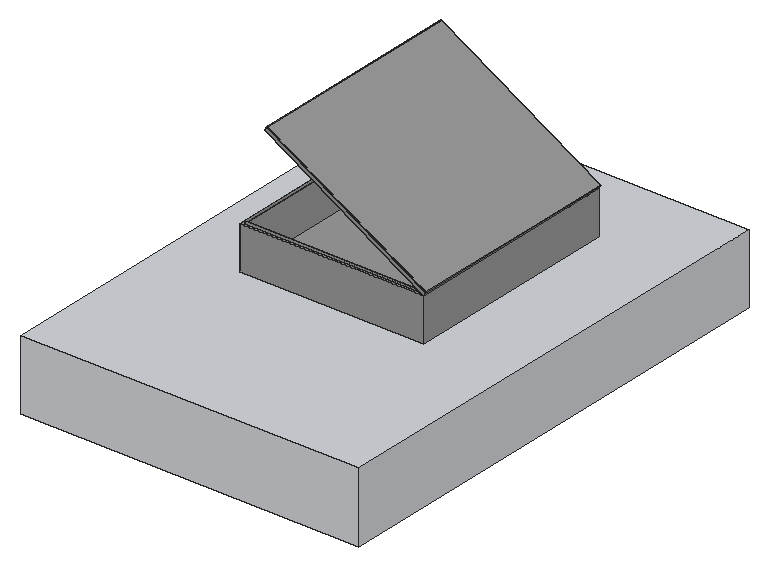
Revit family "Hager-Univers-IP54-D205-H950-Cl.I-encl-DE-de", category Equipement électrique, Revit 2020
Family settings
  Hôte = Face
  Configuration du panneau = Deux colonnes, circuits au sein
  Cote de connecteur circulaire = Utiliser le diamètre
  Type d'élément = Tableau de raccordement
  Couper avec des vides une fois chargée = Non
  Partagée = Non
  Point de calcul de pièce = Non
Parameters (values of type "Aufputz IP54 B800 H950 T205  - FP63TW2")
  Width Control [instance] = if([EF000008 - Breite] > Min Width, [EF000008 - Breite], Min Width)  # 800 mm
  Commentaires du type = [HG000003 - Bereich]  # "Univers"
  Thickness Door [instance] = if([EF009171 - Materialstärke Tür/Deckel] > 3 mm, 3 mm, [EF009171 - Materialstärke Tür/Deckel])  # 1 mm
  Seal Frame Offset [instance] = 17 mm  # constant formula
  Plinth Visibility [instance] = [HG000027 - Sockelhöhe] > 0 mm  # no
  Model = ""
  Min Width [instance] = 100 mm  # constant formula
  Min Height [instance] = 100 mm  # constant formula
  Min Depth [instance] = (2 * [EF009170 - Materialstärke Gehäuse]) + 1 mm  # 3 mm
  Internal Frame Depth [instance] = (Door System Depth * 0.5)  # 9 mm
  Height Control [instance] = if([EF000040 - Höhe] > Min Height, [EF000040 - Höhe], Min Height)  # 950 mm
  HG000027 - Sockelhöhe = 0 mm
  HG000026 - Stehend auf dem Boden = no
  HG000024 - Höhe des unteren Teils = 800 mm
  HG000023 - Gehäuse mit doppeltem Querschnitt = no
  HG000016 - 3D-Türsichtbarkeit [instance] = yes
  HG000015 - Sichtbarkeit der Türöffnung [instance] = no
  HG000014 - Tür rechts [instance] = yes
  HG000013 - Tür links [instance] = not([HG000014 - Tür rechts])  # no
  HG000012 - Türschwenkwinkel [instance] = 30.00°
  HG000010 - Asymmetrische Türen = no
  HG000009 - Doppelflügeligen Tür = no
  HG000006 - Unterputz = no
  HG000004 - Herstellerreferenz = "FP63TW2"
  HG000003 - Bereich = "Univers"
  HG000002 - Mit tür = yes
  Frame Offset Bottom [instance] = 10 mm  # constant formula
  Frame Offset [instance] = 15 mm  # constant formula
  EF015940 - Deckel mit Überdruckentlastung = no
  EF011959 - Schutzart (NEMA) = ""
  EF009554 - Anzahl der Öffnungen für Flanschplatten = 6
  Fabricant = "Hager"  # constant formula
  EF009212 - Ausführung Deckel = "EV000116 - geschlossen"
  EF009171 - Materialstärke Tür/Deckel = 1 mm
  EF009170 - Materialstärke Gehäuse = 1 mm
  EF008873 - Nennstrom (In) = 250 A
  EF007800 - Geeignet für Blitzschutz = no
  EF006306 - Mit Schloss = no
  EF006244 - Transparenter Deckel/Tür = no
  EF005474 - Schutzart (IP) = "EV006419 - IP54"
  EF004464 - Art der Tür = "EV002646 - Einzel"
  EF004427 - Anzahl der Module = 216
  EF004293 - Schlagfestigkeit = "EV006815 - IK09"
  EF003532 - Geeignet für Außengebrauch = no
  EF002950 - Breite in Teilungseinheiten = 36
  EF001613 - Funktionserhalt = "EV000494 - ohne"
  EF001596 - Werkstoff des Gehäuses = "EV000179 - Stahl"
  EF001131 - Innentiefe = 130 mm
  EF001088 - Anbaumöglichkeit = yes
  EF000437 - Anzahl der Leitungseinführungen = 6
  EF000339 - Art der Abdeckung = "EV001012 - Deckel"
  EF000266 - Anzahl der Reihen = 6
  EF000218 - Einbautiefe = 205 mm
  EF000118 - Mit Montageplatte = no
  EF000116 - RAL-Nummer = "9010"
  EF000049 - Tiefe = 205 mm
  EF000040 - Höhe = 950 mm
  EF000008 - Breite = 800 mm
  EF000007 - Farbe = "EV000202 - weiß"
  EF000003 - Montageart = "EV000384 - Aufputz"
  Door System Leaf Tolerance [instance] = 1.5 mm  # constant formula
  Door System Depth [instance] = 18 mm  # constant formula
  Door Height [instance] = Height Control - [HG000027 - Sockelhöhe]  # 950 mm
  Depth Control [instance] = if([EF000049 - Tiefe] > Min Depth, [EF000049 - Tiefe], Min Depth)  # 205 mm
  Default Elevation = 0 mm
  Connector Offset [instance] = Height Control / 2  # 475 mm
  Bottom Top Plate Trim [instance] = 1.5 mm  # constant formula
  Plinth height Ctrl [instance] = if([HG000027 - Sockelhöhe] > 0 mm, [HG000027 - Sockelhöhe], 12 mm)  # 12 mm
Types (9, lengths in mm): name | Width Control | HG000009 - Doppelflügeligen Tür | HG000004 - Herstellerreferenz | EF009554 - Anzahl der Öffnungen für Flanschplatten | EF004464 - Art der Tür | EF004427 - Anzahl der Module | EF002950 - Breite in Teilungseinheiten | EF000437 - Anzahl der Leitungseinführungen | EF000008 - Breite
  Aufputz IP54 B1050 H950 T205  - FP64TW2 | 1050 | no | "FP64TW2" | 8 | "EV003602 - Doppel" | 288 | 48 | 8 | 1050
  Aufputz IP54 B1300 H950 T205  - FP65TW | 1300 | yes | "FP65TW" | 10 | "EV003602 - Doppel" | 360 | 60 | 10 | 1300
  Aufputz IP54 B1300 H950 T205  - FP65TW2 | 1300 | no | "FP65TW2" | 10 | "EV003602 - Doppel" | 360 | 60 | 10 | 1300
  Aufputz IP54 B300 H950 T205  - FP61TW | 300 | no | "FP61TW" | 2 | "EV002646 - Einzel" | 72 | 12 | 2 | 300
  Aufputz IP54 B300 H950 T205  - FP61TW2 | 300 | no | "FP61TW2" | 2 | "EV002646 - Einzel" | 72 | 12 | 2 | 300
  Aufputz IP54 B550 H950 T205  - FP62TW | 550 | no | "FP62TW" | 4 | "EV002646 - Einzel" | 144 | 24 | 4 | 550
  Aufputz IP54 B550 H950 T205  - FP62TW2 | 550 | no | "FP62TW2" | 4 | "EV002646 - Einzel" | 144 | 24 | 4 | 550
  Aufputz IP54 B800 H950 T205  - FP63TW | 800 | no | "FP63TW" | 6 | "EV002646 - Einzel" | 216 | 36 | 6 | 800
  Aufputz IP54 B800 H950 T205  - FP63TW2 | 800 | no | "FP63TW2" | 6 | "EV002646 - Einzel" | 216 | 36 | 6 | 800
Reference planes
  plane 1 "Center (Front/Back)": y = 0
  plane 2: z = 0
  plane 3 "Center (Left/Right)": x = 0
  plane 4: z = 205
  plane 5: y = 1
  plane 6: y = 475
  plane 7: y = 0
  plane 8: y = 950
  plane 9: z = 0
  plane 10: x = -385
  plane 11: x = 385
  plane 12: x = 384
  plane 13: x = -384
  plane 14: y = 949
  plane 15: x = -383
  plane 16: x = -400
  plane 17: x = 383
  plane 18: x = 400
  plane 19: x = 399
  plane 20: x = -399
  plane 21: y = 11
  plane 22: y = 950
  plane 23: y = 934
  plane 24: z = 187
  plane 25: z = 1
  plane 26: z = 186
  plane 27: z = 204
Forms (mm)
  Extrusion 1, solid
    sketch origin (0, 0, 0) x (1, 0, 0) y (0, 1, 0)
      loop
        line (-702.964, 1305) -> (-702.964, -811.445) -> (766.763, -811.445) -> (766.763, 1305) -> (-702.964, 1305)
    from 0 to -304.8
  Extrusion 2, solid, material "Hager_Steel_RAL7035_Light_Grey", visible <- "Plinth Visibility", detail levels medium+fine
    sketch origin (0, 0, 0) x (1, 0, 0) y (0, 1, 0)
      loop
        line (-400, 0) -> (400, 0) -> (400, 12) -> (-400, 12) -> (-400, 0)
    from 0 to 187
  Extrusion 3, solid, material "Hager_Steel_RAL7035_Light_Grey", detail levels medium+fine
    sketch origin (0, 0, 0) x (1, 0, 0) y (0, 1, 0)
      loop
        line (-400, 0) -> (400, 0) -> (400, 950) -> (-400, 950) -> (-400, 0)
    from 0 to 187
  Extrusion 4, void
    sketch origin (0, 0, 0) x (1, 0, 0) y (0, 1, 0)
      loop
        line (-399, 1) -> (399, 1) -> (399, 949) -> (-399, 949) -> (-399, 1)
    from 1 to 186
  Extrusion 5, void
    sketch origin (-381.607, -4572, 187) x (0, -1, 0) y (-1, 0, 0)
      loop
        line (-4583, 2.393) -> (-5506, 2.393) -> (-5506, -765.607) -> (-4583, -765.607) -> (-4583, 2.393)
    from 0 to 1 <- "EF009170 - Materialstärke Gehäuse"
  Extrusion 6, solid, material "Hager_Steel_RAL7035_Light_Grey", detail levels fine
    sketch origin (0, 0, 187) x (1, 0, 0) y (0, 1, 0)
      loop
        line (-384, 934) -> (-384, 11) -> (384, 11) -> (384, 934) -> (-384, 934)
      loop
        line (-385, 10) -> (385, 10) -> (385, 935) -> (-385, 935) -> (-385, 10)
    from 0 to 9 <- "Internal Frame Depth"
  Extrusion 7, solid, material "Hager_Steel_RAL7035_Light_Grey", detail levels coarse
    sketch origin (0, 0, 0) x (1, 0, 0) y (0, 1, 0)
      loop
        line (-400, 0) -> (400, 0) -> (400, 950) -> (-400, 950) -> (-400, 0)
    from 0 to 205
  Sweep 8, void
    path in 3D
      loop
        line (-400, 12, 0) -> (400, 12, 0) -> (400, 12, 187) -> (-400, 12, 187) -> (-400, 12, 0)
    profile origin (-400, 12, 93.5) x (-1, 0, 0) y (0, -1, 0)
      loop
        line (0, 0) -> (0, 1.5) -> (-1.5, 1.5)
        arc (-1.5, 1.5) -> (-1.061, 0.439) -> (0, 0) r 1.5
Cuts and joins
  Extrusion 4, Extrusion 5 cuts Extrusion 3
  Sweep 8 cuts Extrusion 2
Lines and regions (mm)
  Masking region 1
    outline origin (0, 0, 0) x (1, 0, 0) y (0, 0, 1)
      loop
        line (-400, 205) -> (-400, 0) -> (400, 0) -> (400, 205) -> (-400, 205)
  Masking region 2, detail levels medium+fine
    outline origin (0, 140, 0) x (0, 1, 0) y (0, 0, 1)
      loop
        line (-140, 0) -> (810, 0) -> (810, 187) -> (-140, 187) -> (-140, 0)
  Masking region 3, not visible, detail levels medium+fine
    outline origin (0, 297.922, 0) x (0, 1, 0) y (0, 0, 1)
      loop
        line (188.578, 0) -> (228.578, 0) -> (228.578, 194)
        arc (228.578, 194) -> (225.649, 201.071) -> (218.578, 204) r 10
        line (218.578, 204) -> (188.578, 204) -> (188.578, 0)
  Masking region 4, detail levels coarse
    outline origin (0, 0, 180) x (0, 1, 0) y (0, 0, 1)
      loop
        line (0, -180) -> (950, -180) -> (950, 25) -> (0, 25) -> (0, -180)
  Masking region 5, visible <- "Plinth Visibility", detail levels medium+fine
    outline origin (0, 52.24, 12.345) x (0, 0, -1) y (0, 1, 0)
      loop
        line (10.845, -40.24) -> (-173.155, -40.24)
        arc (-173.155, -40.24) -> (-173.594, -41.301) -> (-174.655, -41.74) r 1.5
        line (-174.655, -41.74) -> (-174.655, -52.24) -> (12.345, -52.24) -> (12.345, -41.74)
        arc (12.345, -41.74) -> (11.285, -41.301) -> (10.845, -40.24) r 1.5
  Masking region 6, detail levels medium+fine
    outline origin (-381.607, -4572, 187) x (-1, 0, 0) y (0, -1, 0)
      loop
        line (18.393, -5522) -> (18.393, -4572) -> (-781.607, -4572) -> (-781.607, -5522) -> (18.393, -5522)
  Masking region 7, visible <- "Plinth Visibility", detail levels medium+fine
    outline origin (-381.607, -4727, 187) x (-1, 0, 0) y (0, -1, 0)
      loop
        arc (16.893, -4739) -> (17.332, -4737.939) -> (18.393, -4737.5) r 1.5
        line (18.393, -4737.5) -> (18.393, -4727) -> (-781.607, -4727) -> (-781.607, -4737.5)
        arc (-781.607, -4737.5) -> (-780.546, -4737.939) -> (-780.107, -4739) r 1.5
        line (-780.107, -4739) -> (16.893, -4739)
  Masking region 8, detail levels coarse
    outline origin (-442.548, -4669.526, 187) x (-1, 0, 0) y (0, -1, 0)
      loop
        line (-42.548, -5619.526) -> (-42.548, -4669.526) -> (-842.548, -4669.526) -> (-842.548, -5619.526) -> (-42.548, -5619.526)
  sketch lines
    curve 1: line (-400, 12, 187) -> (-400, 12, 0)
    curve 2: line (400, 12, 187) -> (-400, 12, 187)
    curve 3: line (400, 12, 187) -> (400, 12, 0)
    curve 4: line (-400, 12, 0) -> (400, 12, 0)
Dimensions and locks
  "Depth Control": plane 4 to Extrusion 1
  "HG000027 - Sockelhöhe": plane 1 "Center (Front/Back)" to plane 7
  "EF009170 - Materialstärke Gehäuse": plane 5 to plane 7
  locked: connector elem to plane 3 "Center (Left/Right)"
  equal spacing: plane 8, plane 6, plane 7
  locked: connector elem to plane 6
  "EF009170 - Materialstärke Gehäuse": plane 8 to plane 14
  "EF009170 - Materialstärke Gehäuse": plane 10 to plane 13
  "EF009170 - Materialstärke Gehäuse": plane 12 to plane 11
  "Frame Offset": plane 20 to plane 13
  "Frame Offset": plane 12 to plane 19
  "EF009170 - Materialstärke Gehäuse": plane 16 to plane 20
  "EF009170 - Materialstärke Gehäuse": plane 19 to plane 18
  "Seal Frame Offset": plane 16 to plane 15
  "Seal Frame Offset": plane 17 to plane 18
  "Frame Offset Bottom": plane 21 to plane 5
  "Frame Offset": plane 14 to plane 23
  equal spacing: plane 16, plane 3 "Center (Left/Right)", plane 18
  "Width Control": plane 16 to plane 18
  "EF009170 - Materialstärke Gehäuse": plane 4 to plane 27
  "EF009170 - Materialstärke Gehäuse": plane 24 to plane 26
  "EF009170 - Materialstärke Gehäuse": plane 25 to level
  "Door System Depth": plane 4 to plane 24
  "Height Control": plane 1 "Center (Front/Back)" to Extrusion 7 sketch curve
  "Height Control": Masking region 4 sketch curve to plane 1 "Center (Front/Back)"
  "Height Control": plane 1 "Center (Front/Back)" to plane 22
  "Bottom Top Plate Trim": profile plane to Sweep 8 sketch curve
  "Bottom Top Plate Trim": Sweep 8 sketch curve to profile plane
  "Plinth height Ctrl": plane 1 "Center (Front/Back)" to Extrusion 2 sketch curve
  "Plinth height Ctrl": Masking region 5 sketch curve to plane 1 "Center (Front/Back)"
  "Plinth height Ctrl": plane 1 "Center (Front/Back)" to Masking region 7 sketch curve
  "Thickness Door": Extrusion 6 sketch curve to Extrusion 6 sketch curve  (x3)
  "Thickness Door": cut or joined group of Extrusion 3, Extrusion 4, Extrusion 5 to Extrusion 6 sketch curve
  radius of Masking region 3 sketch curve = 10 mm
  "Bottom Top Plate Trim": radius of Masking region 5 sketch curve  (x2)
  "Bottom Top Plate Trim": radius of Sweep 8 sketch curve
  "Bottom Top Plate Trim": radius of Masking region 7 sketch curve  (x2)
  aligned and locked: plane 2 to Extrusion 1
  aligned and locked: level to Extrusion 1
  aligned and locked: level to Masking region 1 sketch curve
  aligned and locked: Masking region 1 sketch curve to plane 18
  aligned and locked: Masking region 1 sketch curve to plane 16
  aligned and locked: plane 7 to Masking region 2 sketch curve
  aligned and locked: level to Masking region 3 sketch curve
  aligned and locked: Masking region 3 sketch curve to plane 27
  aligned and locked: level to Masking region 2 sketch curve
  aligned and locked: plane 1 "Center (Front/Back)" to Extrusion 2 sketch curve
  aligned and locked: Extrusion 3 sketch curve to plane 7
  aligned and locked: plane 16 to Extrusion 3 sketch curve
  aligned and locked: plane 18 to Extrusion 3 sketch curve
  aligned and locked: plane 20 to Extrusion 4 sketch curve
  aligned and locked: plane 19 to Extrusion 4 sketch curve
  aligned and locked: Extrusion 4 sketch curve to plane 5
  aligned and locked: Extrusion 4 to plane 25
  aligned and locked: plane 26 to Extrusion 4
  aligned and locked: plane 24 to Extrusion 3
  aligned and locked: Extrusion 5 sketch curve to plane 21
  aligned and locked: Extrusion 5 sketch curve to plane 13
  aligned and locked: Extrusion 5 sketch curve to plane 12
  aligned and locked: plane 18 to Extrusion 7 sketch curve
  aligned and locked: plane 1 "Center (Front/Back)" to Extrusion 7 sketch curve
  aligned and locked: plane 16 to Extrusion 7 sketch curve
  aligned and locked: plane 4 to Extrusion 7
  aligned and locked: Extrusion 7 to level
  aligned and locked: level to Masking region 4 sketch curve
  aligned and locked: Masking region 4 sketch curve to plane 1 "Center (Front/Back)"
  aligned and locked: Masking region 4 sketch curve to plane 4
  aligned and locked: nested 1 to level
  aligned and locked: nested 1 to plane 16
  aligned and locked: plane 8 to Extrusion 3 sketch curve
  aligned and locked: plane 23 to Extrusion 5 sketch curve
  aligned and locked: plane 14 to Extrusion 4 sketch curve
  aligned and locked: Masking region 2 sketch curve to plane 8
  aligned and locked: level to Masking region 5 sketch curve
  aligned and locked: plane 16 to Extrusion 2 sketch curve
  aligned and locked: plane 18 to Extrusion 2 sketch curve
  aligned and locked: Masking region 5 sketch curve to plane 24
  aligned and locked: Masking region 2 sketch curve to plane 24
  aligned and locked: plane 24 to Extrusion 2
  aligned and locked: profile plane to Sweep 8 sketch curve  (x2)
  aligned and locked: Masking region 6 sketch curve to plane 18
  aligned and locked: Masking region 6 sketch curve to plane 22
  aligned and locked: Masking region 6 sketch curve to plane 16
  aligned and locked: plane 8 to plane 22
  aligned and locked: Masking region 6 sketch curve to plane 7
  aligned and locked: Masking region 7 sketch curve to plane 16
  aligned and locked: Masking region 7 sketch curve to plane 1 "Center (Front/Back)"
  aligned and locked: Masking region 7 sketch curve to plane 18
  aligned and locked: Masking region 8 sketch curve to plane 1 "Center (Front/Back)"
  aligned and locked: Masking region 8 sketch curve to plane 18
  aligned and locked: Masking region 8 sketch curve to plane 22
  aligned and locked: Masking region 8 sketch curve to plane 16
  aligned and locked: nested 2 to plane 7
  aligned and locked: plane 3 "Center (Left/Right)" to nested 2
  aligned and locked: nested 2 to plane 24
  aligned and locked: Extrusion 6 sketch curve to cut or joined group of Extrusion 3, Extrusion 4, Extrusion 5  (x4)
Automatic sketch dimensions
  Extrusion 1 sketch curve to Extrusion 1 sketch curve = 1469.727 mm
  Extrusion 1 sketch curve to Extrusion 1 sketch curve = 2116.445 mm
  Masking region 1 sketch curve to plane 4 = 0 mm
  plane 6 to Masking region 3 sketch curve = 11.5 mm
  Masking region 3 sketch curve to Masking region 3 sketch curve = 30 mm
  Masking region 5 sketch curve to plane 1 "Center (Front/Back)" = 0 mm
Nested families
  nested 1: "Hager_Enclosure_Symbol" at (-400, 0, 0) x (1, 0, 0) z (0, -1, 0), Height <- "Depth Control", Width <- "Width Control", type "Hager_Enclosure_Symbol"
    with Width_Ctrl 800 mm, Width 800 mm, Height_Ctrl 205 mm, Height 205 mm, A_Width_Int 13.453 mm, A_Width 161.438 mm, A_Height_Ctrl 179.375 mm, A_Height 179.375 mm
  nested 2: "EC000058_Univers_Door" at (0, 0, 187) x (1, 0, 0) z (0, 1, 0), Leaf_Tolerance <- "Door System Leaf Tolerance", Angle <- "HG000012 - Türschwenkwinkel", Door_Depth <- "Door System Depth", Door_Left <- "HG000013 - Tür links", Transparent <- "EF006244 - Transparenter Deckel/Tür", Assymetrical <- "HG000010 - Asymmetrische Türen", Width <- "Width Control", Clearance <- "HG000015 - Sichtbarkeit der Türöffnung", Double <- "HG000009 - Doppelflügeligen Tür", 3d_Door <- "HG000016 - 3D-Türsichtbarkeit", Lock_Visibility <- "EF006306 - Mit Schloss", Width_Ctrl <- "Width Control", Door_Right <- "HG000014 - Tür rechts", Door <- "HG000002 - Mit tür", Height <- "Door Height", Thickness <- "Thickness Door", type "EC000058_Univers_Door", detail levels medium+fine
    with min_wh 3 mm, Width_Ctrl 800 mm, Width 800 mm, Transparent no, Thickness 1 mm, Seal_Material Hager_Rubber, Lock_Visibility no, Lock_Material Hager_Plastic_RAL9005_Jet_Black, Leaf_Width 800 mm, Leaf_Tolerance_External_Sides 0 mm, Leaf_Tolerance 1.5 mm, Leaf_Offset 0 mm, Leaf_Height 947 mm, Leaf_2_Width 800 mm, Leaf_2_Offset 400 mm, Leaf_1_Width 800 mm, Leaf_1_Offset 400 mm, Height_Ctrl 950 mm, Height 950 mm, Glass_Material Hager_Glass, Double_Clearance_Ctrl no, Double no, Door_Right_Ctrl yes, Door_Right yes, Door_Material Hager_Steel_RAL7035_Light_Grey, Door_Left_Ctrl no, Door_Left no, Door_Depth 18 mm, Door yes, Clearance_Material Hager_Clearance, Clearance_Depth 800 mm, Clearance_Ctrl no, Clearance no, Assymetrical no, Angle 30.00°, 3d_Door yes
Connectors
  electrical at (0, 475, 0)
    settings: on plane 9, index 1, voltage 0 V, apparent load 0 VA, apparent load phase1 0 VA, apparent load phase2 0 VA, apparent load phase3 0 VA, power factor 1, load classification "Other", number of poles 1, system type 30, power factor state 1, is connector primary yes, connector utility no, sub classification motor no, connector description ""
Definition of nested family "EC000058_Univers_Door"
  Parameters (values of type "EC000058_Univers_Door")
    min_wh [instance] = (2 * Thickness) + 1 mm  # 11 mm
    Width_Ctrl [instance] = 400 mm
    Width [instance] = 500 mm
    Transparent [instance] = yes
    Thickness [instance] = 5 mm
    Seal_Material [instance] = none
    Lock_Visibility [instance] = yes
    Lock_Material [instance] = none
    Leaf_Width [instance] = if((Width_Ctrl - 2 * Leaf_Tolerance_External_Sides) > 0 mm, (Width_Ctrl - 2 * Leaf_Tolerance_External_Sides), min_wh)  # 400 mm
    Leaf_Tolerance_External_Sides [instance] = 0 mm  # constant formula
    Leaf_Tolerance [instance] = 1.5 mm
    Leaf_Offset [instance] = 0 mm  # constant formula
    Leaf_Height [instance] = if((Height_Ctrl - 2 * Leaf_Tolerance) > 0 mm, (Height_Ctrl - 2 * Leaf_Tolerance), min_wh)  # 497 mm
    Leaf_2_Width [instance] = if(and(and(Double, Assymetrical), Door_Left), (Leaf_Width / 3) - (Leaf_Tolerance / 2), if(and(and(Double, Assymetrical), Door_Right), (Leaf_Width / 3) * 2 - (Leaf_Tolerance / 2), if(and(Double, not(Assymetrical)), (Leaf_Width / 2) - Leaf_Tolerance, Leaf_Width)))  # 400 mm
    Leaf_2_Offset [instance] = if(and(Double, Assymetrical), Leaf_2_Width / 2, if(and(Double, not(Assymetrical)), Leaf_Width / 4, Leaf_Width / 2))  # 200 mm
    Leaf_1_Width [instance] = if(and(and(Double, Assymetrical), Door_Right), (Leaf_Width / 3) - (Leaf_Tolerance / 2), if(and(and(Double, Assymetrical), Door_Left), (Width / 3) * 2 - (Leaf_Tolerance / 2), if(and(Double, not(Assymetrical)), (Leaf_Width / 2) - Leaf_Tolerance, Leaf_Width)))  # 400 mm
    Leaf_1_Offset [instance] = if(and(Double, Assymetrical), Leaf_1_Width / 2, if(and(Double, not(Assymetrical)), Leaf_Width / 4, Leaf_Width / 2))  # 200 mm
    Height_Ctrl [instance] = if(Height > min_wh, Height, min_wh)  # 500 mm
    Height [instance] = 500 mm
    Glass_Material [instance] = none
    Double_Clearance_Ctrl [instance] = and(Double, Clearance)  # no
    Double [instance] = no
    Door_Right_Ctrl [instance] = and(or(Door_Right, Double), Door)  # yes
    Door_Right [instance] = yes
    Door_Material [instance] = none
    Door_Left_Ctrl [instance] = and(or(Door_Left, Double), Door)  # no
    Door_Left [instance] = no
    Door_Depth [instance] = 30 mm
    Door [instance] = yes
    Default Elevation = 1219.2 mm
    Clearance_Material [instance] = none
    Clearance_Depth [instance] = if(Leaf_1_Width > Leaf_2_Width, Leaf_1_Width, Leaf_2_Width)  # 400 mm
    Clearance_Ctrl [instance] = and(not(Double), Clearance)  # yes
    Clearance [instance] = yes
    Assymetrical [instance] = yes
    Angle [instance] = 30.00°
    3d_Door [instance] = yes
  Reference planes
    plane 1 "Center (Front/Back)": y = 0
    plane 2 "Bottom": z = 0
    plane 3 "Center (Left/Right)": x = 0
    plane 4: z = 500
    plane 5: x = -200
    plane 6: x = 200
    plane 7: z = 500
    plane 8: x = -200
    plane 9: z = 0
    plane 10: x = 200
    plane 11: y = 0
    plane 12: z = 1.5
    plane 13: x = -600
    plane 14: y = -400
    plane 15: x = 600
    plane 16: x = 0
    plane 17: x = 0
    plane 18: x = -200
    plane 19: x = 200
    plane 20: z = 498.5
  Forms (mm)
    Extrusion 1, solid, material <- "Clearance_Material", visible <- "Double_Clearance_Ctrl"
      sketch origin (1200, 0, 0) x (1, 0, 0) y (0, 0, -1)
        loop
          line (-1800, -498.5) -> (-600, -498.5) -> (-600, 0) -> (-1800, 0) -> (-1800, -498.5)
      from 0 to -400
  Dimensions and locks
    equal spacing: plane 5, plane 3 "Center (Left/Right)", plane 6
    "Width_Ctrl": plane 5 to plane 6
    "Leaf_Offset": plane 5 to plane 8
    "Leaf_Offset": plane 6 to plane 10
    "Leaf_Offset": plane 9 to level
    "Leaf_Offset": plane 4 to plane 7
    "Height_Ctrl": plane 4 to level
    "Leaf_Tolerance": plane 12 to plane 9
    locked: plane 11 to plane 1 "Center (Front/Back)"
    "Leaf_1_Offset": plane 18 to plane 16
    "Leaf_2_Offset": plane 17 to plane 19
    "Leaf_1_Width": plane 13 to plane 8
    "Leaf_2_Width": plane 10 to plane 15
    "Clearance_Depth": plane 14 to plane 1 "Center (Front/Back)"
    "Leaf_Tolerance_External_Sides": plane 8 to plane 18
    "Leaf_Tolerance_External_Sides": plane 19 to plane 10
    "Leaf_Tolerance": plane 7 to plane 20
    aligned and locked: level to plane 2 "Bottom"
    aligned and locked: nested 1 to plane 16
    aligned and locked: nested 2 to plane 17
    aligned and locked: Extrusion 1 to plane 13
    aligned and locked: plane 15 to Extrusion 1
    aligned and locked: Extrusion 1 to plane 14
    aligned and locked: plane 12 to nested 1
    aligned and locked: nested 2 to plane 12
    aligned and locked: Extrusion 1 to plane 11
    aligned and locked: plane 20 to Extrusion 1
    aligned and locked: nested 2 to plane 11
    aligned and locked: nested 1 to plane 11
  Automatic sketch dimensions
    Extrusion 1 sketch curve to level = 0 mm
    plane 5 to Extrusion 1 sketch curve = 400 mm
    plane 6 to Extrusion 1 sketch curve = 400 mm
    Extrusion 1 sketch curve to plane 4 = 1.5 mm
  Nested families
    nested 1: "EC000058_Univers_Door_Leaf" at (0, 0, 1.5), Width <- "Leaf_1_Width", visible <- "Door_Left_Ctrl", Leaf_Height <- "Leaf_Height", Angle <- "Angle", 3d_Door <- "3d_Door", Transparent <- "Transparent", Clearance Material <- "Clearance_Material", Clearance <- "Clearance_Ctrl", Door_Material <- "Door_Material", Glass_Material <- "Glass_Material", Door_Depth <- "Door_Depth", Lock_Material <- "Lock_Material", Seal_Material <- "Seal_Material", Lock_Visibility <- "Lock_Visibility", Thickness <- "Thickness", type "EC000058_Univers_Door_Leaf"
      with Width 400 mm, Transparent_Glass_Offset 30 mm, Transparent_Ctrl yes, Transparent yes, Thickness 5 mm, Standard no, Seal_Material none, Seal_D2 8 mm, Seal_D1 1 mm, Offset_Internal_Frame 10 mm, Lock_Width 20 mm, Lock_Visibility_3d yes, Lock_Visibility yes, Lock_Thickness_3 3 mm, Lock_Thickness_2 1 mm, Lock_Thickness_1 3 mm, Lock_Radius_Offset_2 16 mm, Lock_Radius_Offset_1 15 mm, Lock_Radius_2 5 mm, Lock_Radius 6 mm, Lock_Offset 5 mm, Lock_Material none, Lock_Height 80 mm, Lock_Cover_Top_Offset_2d 17 mm, Lock_Cover_Height -65 mm, Leaf_Height 497 mm, Internal_Seal_Thickness 8 mm, Internal_Seal_Depth_2 4.5 mm, Internal_Frame_Depth 25 mm, Glass_Thickness -1 mm, Glass_Offset -2 mm, Glass_Material none, Door_Material none, Door_Depth 30 mm, Clearance Material none, Clearance yes, Angle_Ctrl 30.00°, Angle 30.00°, 3d_Door yes
    nested 2: "EC000058_Univers_Door_Leaf" at (0, 0, 1.5) x (-1, 0, 0) z (0, 0, 1), Width <- "Leaf_2_Width", visible <- "Door_Right_Ctrl", Leaf_Height <- "Leaf_Height", Angle <- "Angle", 3d_Door <- "3d_Door", Transparent <- "Transparent", Clearance Material <- "Clearance_Material", Clearance <- "Clearance_Ctrl", Door_Material <- "Door_Material", Glass_Material <- "Glass_Material", Door_Depth <- "Door_Depth", Lock_Material <- "Lock_Material", Seal_Material <- "Seal_Material", Lock_Visibility <- "Lock_Visibility", Thickness <- "Thickness", type "EC000058_Univers_Door_Leaf"
      with Width 400 mm, Transparent_Glass_Offset 30 mm, Transparent_Ctrl yes, Transparent yes, Thickness 5 mm, Standard no, Seal_Material none, Seal_D2 8 mm, Seal_D1 1 mm, Offset_Internal_Frame 10 mm, Lock_Width 20 mm, Lock_Visibility_3d yes, Lock_Visibility yes, Lock_Thickness_3 3 mm, Lock_Thickness_2 1 mm, Lock_Thickness_1 3 mm, Lock_Radius_Offset_2 16 mm, Lock_Radius_Offset_1 15 mm, Lock_Radius_2 5 mm, Lock_Radius 6 mm, Lock_Offset 5 mm, Lock_Material none, Lock_Height 80 mm, Lock_Cover_Top_Offset_2d 17 mm, Lock_Cover_Height -65 mm, Leaf_Height 497 mm, Internal_Seal_Thickness 8 mm, Internal_Seal_Depth_2 4.5 mm, Internal_Frame_Depth 25 mm, Glass_Thickness -1 mm, Glass_Offset -2 mm, Glass_Material none, Door_Material none, Door_Depth 30 mm, Clearance Material none, Clearance yes, Angle_Ctrl 30.00°, Angle 30.00°, 3d_Door yes
  Definition of nested family "EC000058_Univers_Door_Leaf"
    Parameters (values of type "EC000058_Univers_Door_Leaf")
      Width [instance] = 2000 mm
      Transparent_Glass_Offset [instance] = 30 mm
      Transparent_Ctrl [instance] = and(Transparent, [3d_Door])  # yes
      Transparent [instance] = yes
      Thickness [instance] = 5 mm
      Standard [instance] = and(not(Transparent), [3d_Door])  # no
      Seal_Material [instance] = none
      Seal_D2 [instance] = 8 mm  # constant formula
      Seal_D1 [instance] = 1 mm  # constant formula
      Offset_Internal_Frame [instance] = 10 mm  # constant formula
      Lock_Width [instance] = 20 mm  # constant formula
      Lock_Visibility_3d [instance] = and(Lock_Visibility, [3d_Door])  # yes
      Lock_Visibility [instance] = yes
      Lock_Thickness_3 [instance] = 3 mm  # constant formula
      Lock_Thickness_2 [instance] = 1 mm  # constant formula
      Lock_Thickness_1 [instance] = 3 mm  # constant formula
      Lock_Radius_Offset_2 [instance] = Lock_Radius_Offset_1 + 1 mm  # 16 mm
      Lock_Radius_Offset_1 [instance] = 15 mm  # constant formula
      Lock_Radius_2 [instance] = Lock_Radius - 1 mm  # 5 mm
      Lock_Radius [instance] = 6 mm  # constant formula
      Lock_Offset [instance] = 5 mm  # constant formula
      Lock_Material [instance] = none
      Lock_Height [instance] = 80 mm  # constant formula
      Lock_Cover_Top_Offset_2d [instance] = Lock_Radius_Offset_2 + 1 mm  # 17 mm
      Lock_Cover_Height [instance] = -(Lock_Height - Lock_Radius_Offset_1)  # -65 mm
      Leaf_Height [instance] = 2720.336 mm
      Internal_Seal_Thickness [instance] = 8 mm  # constant formula
      Internal_Seal_Depth_2 [instance] = 4.5 mm  # constant formula
      Internal_Frame_Depth [instance] = if(Door_Depth - Thickness > 5 mm, Door_Depth - Thickness, 5 mm)  # 25 mm
      Glass_Thickness [instance] = if(Thickness > 15 mm, Glass_Offset + 10 mm, -1 mm)  # -1 mm
      Glass_Offset [instance] = if(Thickness > 15 mm, -(Thickness + 10 mm) / 2, -2 mm)  # -2 mm
      Glass_Material [instance] = none
      Door_Material [instance] = none
      Door_Depth [instance] = 30 mm
      Default Elevation = 0 mm
      Clearance Material [instance] = none
      Clearance [instance] = yes
      Angle_Ctrl [instance] = if(Angle > 180.00°, 180.00°, Angle)  # 90.00°
      Angle [instance] = 90.00°
      3d_Door [instance] = yes
    Reference planes
      plane 1 "Center (Front/Back)": y = 0
      plane 2: z = 0
      plane 3 "Center (Left/Right)": x = 0
      plane 4: y = 2000
      plane 5: x = -1000
      plane 6: x = 1000
      plane 7: x = -3000
      plane 8: z = 2720.336
      plane 9: z = 30
      plane 10: z = 2690.336
      plane 11: x = 970
      plane 12: x = -970
      plane 13: y = -3
      plane 14: z = 107.833
      plane 15: y = -5
      plane 16: y = -223.314
      plane 17: x = -1000
      plane 18: z = 1360.168
      plane 19: y = 30
    Forms (mm)
      Extrusion 1, solid, material <- "Clearance Material", visible <- "Clearance"
        sketch origin (0, 0, 0) x (1, 0, 0) y (0, 0, 1)
          loop
            line (-3000, 2720.336) -> (-3000, 0) -> (1000, 0) -> (1000, 2720.336) -> (-3000, 2720.336)
        from 0 to -2000
      Extrusion 2, solid, material <- "Door_Material", visible <- "Standard", detail levels medium+fine
        sketch origin (-1000, 0, 0) x (0, 1, 0) y (-1, 0, 0)
          loop
            line (0, 30) -> (0, 25) -> (2000, 25) -> (2000, 30) -> (0, 30)
        from 0 to 2720.336 <- "Leaf_Height"
      Extrusion 3, solid, material <- "Door_Material", visible <- "Transparent_Ctrl", detail levels medium+fine
        sketch origin (-1000, 0, 0) x (0, 1, 0) y (-1, 0, 0)
          loop
            line (0, 25) -> (2000, 25) -> (2000, 30) -> (0, 30) -> (0, 25)
        from 0 to 2720.336 <- "Leaf_Height"
      Extrusion 4, void
        sketch origin (-1025, 2000, 0) x (0, 1, 0) y (0, 0, -1)
          loop
            line (-30, -2690.336) -> (-30, -30) -> (-1970, -30) -> (-1970, -2690.336) -> (-30, -2690.336)
        from 0 to 5 <- "Thickness"
      Sweep 5, solid, material <- "Seal_Material", visible <- "Transparent_Ctrl", detail levels fine
        path in 3D
          loop
            line (-1025, 30, 30) -> (-1025, 30, 2690.336) -> (-1025, 1970, 2690.336) -> (-1025, 1970, 30) -> (-1025, 30, 30)
        profile origin (-1025, 1000, 30) x (1, 0, 0) y (0, 0, 1)
          loop
            line (0, 0) -> (0, -8) -> (1, -8) -> (1, 0) -> (0, 0)
      Extrusion 6, solid, material <- "Glass_Material", visible <- "Transparent_Ctrl", detail levels medium+fine
        sketch origin (-1030, 0, 0) x (0, 1, 0) y (0, 0, -1)
          loop
            line (1970, -2690.336) -> (1970, -30) -> (30, -30) -> (30, -2690.336) -> (1970, -2690.336)
        from -2 <- "Glass_Offset" to -1 <- "Glass_Thickness"
      Extrusion 7, solid, material <- "Door_Material", visible <- "3d_Door", detail levels medium+fine
        sketch origin (-1025, 2000, 0) x (0, -1, 0) y (0, 0, -1)
          loop
            line (0, -2720.336) -> (2000, -2720.336) -> (2000, 0) -> (0, 0) -> (0, -2720.336)
          loop
            line (1995, -5) -> (5, -5) -> (5, -2715.336) -> (1995, -2715.336) -> (1995, -5)
        from 0 to 25 <- "Internal_Frame_Depth"
      Sweep 8, solid, material <- "Seal_Material", visible <- "Transparent_Ctrl", detail levels fine
        path in 3D
          loop
            line (-1025, 0, 0) -> (-1025, 2000, 0) -> (-1025, 2000, 2720.336) -> (-1025, 0, 2720.336) -> (-1025, 0, 0)
        profile origin (-1025, 0, 1360.168) x (1, 0, 0) y (0, 1, 0)
          loop
            line (0, 10) -> (2.975, 10)
            arc (2.975, 10) -> (4.053, 10.447) -> (4.5, 11.525) r 1.525
            line (4.5, 11.525) -> (4.5, 16.527)
            arc (4.5, 16.527) -> (4.069, 17.569) -> (3.027, 18) r 1.473
            line (3.027, 18) -> (0, 18) -> (0, 10)
      Extrusion 9, solid, material <- "Lock_Material", visible <- "Lock_Visibility_3d", detail levels fine
        sketch origin (-1030, 0, 0) x (0, 1, 0) y (0, 0, -1)
          loop
            arc (1993.5, -1400.168) -> (1994.561, -1399.729) -> (1995, -1398.668) r 1.5
            line (1995, -1398.668) -> (1995, -1320.168) -> (1975, -1320.168) -> (1975, -1398.668)
            arc (1975, -1398.668) -> (1975.439, -1399.729) -> (1976.5, -1400.168) r 1.5
            line (1976.5, -1400.168) -> (1993.5, -1400.168)
        from 3 <- "Lock_Thickness_1" to 0
      Blend 10, solid, material <- "Lock_Material", visible <- "Lock_Visibility_3d", detail levels fine
        base sketch origin (-1033, 0, 0) x (0, 1, 0) y (0, 0, -1)
          loop
            line (1975, -1320.168) -> (1975, -1398.668)
            arc (1975, -1398.668) -> (1975.439, -1399.729) -> (1976.5, -1400.168) r 1.5
            line (1976.5, -1400.168) -> (1993.5, -1400.168)
            arc (1993.5, -1400.168) -> (1994.561, -1399.729) -> (1995, -1398.668) r 1.5
            line (1995, -1398.668) -> (1995, -1320.168) -> (1975, -1320.168)
        top sketch origin (-1033, 0, 0) x (0, 1, 0) y (0, 0, -1)
          loop
            line (1976, -1320.168) -> (1976, -1398.668)
            arc (1976, -1398.668) -> (1976.146, -1399.022) -> (1976.5, -1399.168) r 0.5
            line (1976.5, -1399.168) -> (1993.5, -1399.168)
            arc (1993.5, -1399.168) -> (1993.854, -1399.022) -> (1994, -1398.668) r 0.5
            line (1994, -1398.668) -> (1994, -1320.168) -> (1976, -1320.168)
        from 0 to 1 <- "Lock_Thickness_2"
      Blend 11, solid, material <- "Lock_Material", visible <- "Lock_Visibility_3d", detail levels fine
        base sketch origin (-1034, 0, 0) x (0, 1, 0) y (0, 0, -1)
          loop
            line (1978, -1320.168) -> (1978, -1384.168)
            arc (1978, -1384.168) -> (1985, -1391.168) -> (1992, -1384.168) r 7
            line (1992, -1384.168) -> (1992, -1320.168) -> (1978, -1320.168)
        top sketch origin (-1034, 0, 0) x (0, 1, 0) y (0, 0, -1)
          loop
            line (1991, -1320.168) -> (1979, -1320.168) -> (1979, -1383.168)
            arc (1979, -1383.168) -> (1985, -1389.168) -> (1991, -1383.168) r 6
            line (1991, -1383.168) -> (1991, -1320.168)
        from 0 to 3 <- "Lock_Thickness_3"
      Extrusion 12, solid, material <- "Lock_Material", visible <- "Lock_Visibility_3d", detail levels fine
        sketch origin (-1030, 1975, 1320.168) x (1, 0, 0) y (0, -1, 0)
          loop
            line (-7, -19) -> (-7, -1) -> (0, -1) -> (0, 0) -> (-8, 0) -> (-8, -20) -> (0, -20) -> (0, -19) -> (-7, -19)
        from 0 to -65 <- "Lock_Cover_Height"
      Extrusion 13, void
        sketch origin (-1038, 1995, 1320.168) x (-1, 0, 0) y (0, 0, -1)
          loop
            line (-5, -65) -> (0, -65) -> (-5, -60) -> (-5, -65)
        from 0 to 20 <- "Lock_Width"
      Extrusion 14, void
        sketch origin (-1038, 1975, 1320.168) x (0, -1, 0) y (0, 0, -1)
          loop
            circle (-10, -15.995) r 6
          loop
            circle (-10, -15.995) r 5
        from 0 to 2
      Extrusion 15, solid, material <- "Lock_Material", visible <- "Lock_Visibility_3d", detail levels medium
        sketch origin (-1030, 0, 0) x (0, 1, 0) y (0, 0, -1)
          loop
            arc (1993.5, -1400.168) -> (1994.561, -1399.729) -> (1995, -1398.668) r 1.5
            line (1995, -1398.668) -> (1995, -1320.168) -> (1975, -1320.168) -> (1975, -1398.668)
            arc (1975, -1398.668) -> (1975.439, -1399.729) -> (1976.5, -1400.168) r 1.5
            line (1976.5, -1400.168) -> (1993.5, -1400.168)
        from 8 to 0
    Cuts and joins
      Extrusion 4 cuts Extrusion 3
      Extrusion 13, Extrusion 14 cuts Extrusion 9
      Extrusion 14 cuts Blend 11
      Extrusion 13, Extrusion 14 cuts Extrusion 12
      joined: Extrusion 9, Blend 10, Blend 11, Extrusion 12
      Extrusion 14 cuts Extrusion 15
    Lines and regions (mm)
      Masking region 1, visible <- "Lock_Visibility", detail levels fine
        outline origin (0, 0, 0) x (0, 1, 0) y (0, 0, 1)
          loop
            line (30, 1320.168) -> (33, 1320.168) -> (33, 1400.168) -> (30, 1400.168) -> (30, 1320.168)
      Masking region 2, visible <- "Lock_Visibility", detail levels fine
        outline origin (0, 3.143, 0) x (0, 1, 0) y (0, 0, 1)
          loop
            line (29.857, 1354.168) -> (30.857, 1354.168) -> (30.857, 1366.168) -> (29.857, 1366.168) -> (29.857, 1354.168)
      Masking region 3, detail levels medium+fine
        outline origin (0, 0, 0) x (0, 1, 0) y (0, 0, 1)
          loop
            line (0, 0) -> (30, 0) -> (30, 2720.336) -> (0, 2720.336) -> (0, 0)
      Masking region 4, detail levels medium+fine
        outline origin (0, 0, 0) x (1, 0, 0) y (0, 0, 1)
          loop
            line (-1000, 2720.336) -> (-1000, 0) -> (1000, 0) -> (1000, 2720.336) -> (-1000, 2720.336)
      Masking region 5, visible <- "Lock_Visibility", detail levels fine
        outline origin (-47.116, 0, 0) x (1, 0, 0) y (0, 0, 1)
          loop
            arc (1024.616, 1399.168) -> (1023.556, 1398.729) -> (1023.116, 1397.668) r 1.5
            line (1023.116, 1397.668) -> (1023.116, 1320.168) -> (1041.116, 1320.168) -> (1041.116, 1397.668)
            arc (1041.116, 1397.668) -> (1040.677, 1398.729) -> (1039.616, 1399.168) r 1.5
            line (1039.616, 1399.168) -> (1024.616, 1399.168)
      Masking region 6, visible <- "Lock_Visibility", detail levels medium+fine
        outline origin (-25, 0, 0) x (1, 0, 0) y (0, 0, 1)
          loop
            arc (1001.5, 1400.168) -> (1000.439, 1399.729) -> (1000, 1398.668) r 1.5
            line (1000, 1398.668) -> (1000, 1320.168) -> (1020, 1320.168) -> (1020, 1398.668)
            arc (1020, 1398.668) -> (1019.561, 1399.729) -> (1018.5, 1400.168) r 1.5
            line (1018.5, 1400.168) -> (1001.5, 1400.168)
      Masking region 7, visible <- "Lock_Visibility", detail levels fine
        outline origin (-73.735, 0, 0) x (1, 0, 0) y (0, 0, 1)
          loop
            line (1051.735, 1382.168) -> (1065.735, 1382.168) -> (1065.735, 1384.168)
            arc (1065.735, 1384.168) -> (1058.735, 1391.168) -> (1051.735, 1384.168) r 7
            line (1051.735, 1384.168) -> (1051.735, 1382.168)
      Masking region 8, visible <- "Lock_Visibility", detail levels fine
        outline origin (-73.735, 0, 0) x (1, 0, 0) y (0, 0, 1)
          loop
            line (1052.735, 1382.168) -> (1064.735, 1382.168) -> (1064.735, 1383.168)
            arc (1064.735, 1383.168) -> (1058.735, 1389.168) -> (1052.735, 1383.168) r 6
            line (1052.735, 1383.168) -> (1052.735, 1382.168)
      Masking region 9, visible <- "Lock_Visibility", detail levels fine
        outline origin (-25, 0, 0) x (1, 0, 0) y (0, 0, 1)
          loop
            line (1020, 1320.168) -> (1020, 1382.168) -> (1000, 1382.168) -> (1000, 1320.168) -> (1020, 1320.168)
      Masking region 10, detail levels medium+fine
        outline origin (0, 0, 0) x (1, 0, 0) y (0, 0, 1)
          loop
            circle (985, 1335.144) r 6
      Masking region 11, detail levels fine
        outline origin (0, 0, 0) x (1, 0, 0) y (0, 0, 1)
          loop
            circle (985, 1335.144) r 5
      Masking region 12, visible <- "Lock_Visibility", detail levels fine
        outline origin (0, 12.767, 0) x (0, 1, 0) y (0, 0, 1)
          loop
            line (20.233, 1320.168) -> (21.233, 1320.168) -> (21.233, 1399.168) -> (20.233, 1400.168) -> (20.233, 1320.168)
      Masking region 13, visible <- "Lock_Visibility", detail levels fine
        outline origin (0, 13.767, -10) x (0, 1, 0) y (0, 0, 1)
          loop
            line (20.233, 1330.168) -> (23.233, 1330.168) -> (23.233, 1399.168) -> (20.233, 1402.168) -> (20.233, 1330.168)
      Masking region 14, visible <- "Lock_Visibility", detail levels fine
        outline origin (0, 12.767, -10) x (0, 1, 0) y (0, 0, 1)
          loop
            line (20.233, 1330.168) -> (25.233, 1330.168) -> (25.233, 1399.305) -> (20.233, 1394.305) -> (20.233, 1330.168)
      Masking region 15, visible <- "Lock_Visibility", detail levels medium
        outline origin (0, 0, 0) x (0, 1, 0) y (0, 0, 1)
          loop
            line (30, 1320.168) -> (38, 1320.168) -> (38, 1400.168) -> (30, 1400.168) -> (30, 1320.168)
      Masking region 16, visible <- "Lock_Visibility", detail levels fine
        outline origin (-1000, 0, 0) x (0, 1, 0) y (-1, 0, 0)
          loop
            line (1975, 30) -> (1995, 30) -> (1995, 38) -> (1975, 38) -> (1975, 30)
          loop
            line (1979, 37) -> (1976, 37) -> (1976, 34) -> (1978, 34) -> (1979, 37)
          loop
            line (1994, 37) -> (1991, 37) -> (1992, 34) -> (1994, 34) -> (1994, 37)
      Masking region 17, visible <- "Lock_Visibility", detail levels medium
        outline origin (-1000, 0, 0) x (0, 1, 0) y (-1, 0, 0)
          loop
            line (1975, 30) -> (1995, 30) -> (1995, 38) -> (1975, 38) -> (1975, 30)
      symbolic lines
        curve 1: line (1000, 0, 0) -> (-3000, 0, 0)
        curve 2: arc (1000, 0, 0) -> (-1000, 2000, 0) -> (-3000, 0, 0) r 2000
        curve 4: line (-1030, 0, 0) -> (-1030, 2000, 0)
      reference lines
        curve 3: line (-1000, 0, 0) -> (-1000, 2000, 0)
      symbolic lines, detail levels medium+fine
        curve 5: line (-1030, 2000, 0) -> (-1025, 2000, 0)
        curve 7: line (-1025, 0, 0) -> (-1030, 0, 0)
        curve 8: line (-1025, 0, 0) -> (-1000, 0, 0)
        curve 9: line (-1000, 0, 0) -> (-1000, 2000, 0)
        curve 10: line (-1000, 2000, 0) -> (-1025, 2000, 0)
      symbolic lines, detail levels fine
        curve 6: line (-1025, 2000, 0) -> (-1025, 0, 0)
      sketch lines
        curve 11: line (-1025, 0, 2720.336) -> (-1025, 0, 0)
        curve 12: line (-1025, 2000, 0) -> (-1025, 0, 0)
        curve 13: line (-1025, 2000, 2720.336) -> (-1025, 2000, 0)
        curve 14: line (-1025, 0, 2720.336) -> (-1025, 2000, 2720.336)
        curve 15: line (-1025, 1970, 30) -> (-1025, 30, 30)
        curve 16: line (-1025, 30, 30) -> (-1025, 30, 2690.336)
        curve 17: line (-1025, 1970, 2690.336) -> (-1025, 1970, 30)
        curve 18: line (-1025, 30, 2690.336) -> (-1025, 1970, 2690.336)
      symbolic lines, visible <- "Transparent", detail levels medium+fine
        curve 19: line (-970, 0, 2690.336) -> (970, 0, 2690.336)
        curve 20: line (-970, 0, 30) -> (-970, 0, 2690.336)
        curve 21: line (970, 0, 30) -> (-970, 0, 30)
        curve 22: line (970, 0, 2690.336) -> (970, 0, 30)
    Dimensions and locks
      "Width": plane 1 "Center (Front/Back)" to plane 4
      equal spacing: plane 5, plane 3 "Center (Left/Right)", plane 6
      "Width": plane 5 to plane 6
      "Width": plane 7 to plane 5
      "Leaf_Height": plane 8 to level
      "Width": curve 5 to curve 3
      "Width": curve 3 to curve 3
      plane 8 to plane 10 = 30 mm
      plane 9 to level = 30 mm
      plane 12 to plane 5 = 30 mm
      plane 6 to plane 11 = 30 mm
      Extrusion 1 to Extrusion 4 sketch curve = 30 mm
      "Transparent_Glass_Offset": curve 3 to Extrusion 4 sketch curve
      "Transparent_Glass_Offset": Extrusion 4 sketch curve to cut or joined group of Extrusion 3, Extrusion 4  (x2)
      cut or joined group of Extrusion 3, Extrusion 4 to Extrusion 6 sketch curve = 30 mm
      "Transparent_Glass_Offset": cut or joined group of Extrusion 3, Extrusion 4 to Extrusion 4 sketch curve
      "Thickness": curve 6 to curve 4
      "Thickness": Extrusion 7 sketch curve to Extrusion 7 sketch curve  (x4)
      "Door_Depth": curve 4 to curve 3
      "Offset_Internal_Frame": profile plane to Sweep 8 sketch curve
      "Internal_Seal_Thickness": Sweep 8 sketch curve to Sweep 8 sketch curve
      "Internal_Seal_Depth_2": profile plane to Sweep 8 sketch curve
      "Seal_D1": profile plane to Sweep 5 sketch curve
      "Seal_D2": profile plane to Sweep 5 sketch curve
      "Thickness": Extrusion 2 sketch curve to Extrusion 2 sketch curve
      equal spacing: Extrusion 9 sketch curve, plane 18, Extrusion 9 sketch curve  (x2)
      equal spacing: Masking region 1 sketch curve, plane 18, Masking region 1 sketch curve
      "Lock_Height": Masking region 1 sketch curve to Masking region 1 sketch curve
      "Lock_Radius": Masking region 2 sketch curve to plane 18 to Masking region 2 sketch curve
      Masking region 2 sketch curve to Masking region 1 = 1 mm
      "Door_Depth": plane 19 to plane 1 "Center (Front/Back)"
      "Lock_Thickness_1": Masking region 1 sketch curve to plane 19
      "Lock_Width": Extrusion 9 sketch curve to Extrusion 9 sketch curve
      "Lock_Height": Extrusion 9 sketch curve to Extrusion 9 sketch curve
      "Lock_Offset": cut or joined group of Extrusion 3, Extrusion 4 to Extrusion 9 sketch curve
      equal spacing: plane 8, plane 18, level
      "Lock_Radius_Offset_1": Blend 11 sketch curve to Blend 10
      locked: Blend 10 to Blend 11 sketch curve at 2  (x2)
      locked: var sketch to Blend 11 sketch curve at 1  (x2)
      "Lock_Radius_Offset_2": Blend 11 sketch curve to Blend 10
      locked: Extrusion 12 sketch curve to Extrusion 12 sketch curve at 1  (x3)
      Masking region 6 sketch curve to Masking region 6 sketch curve = 80 mm
      "Lock_Height": Masking region 6 sketch curve to Masking region 6 sketch curve
      "Lock_Width": Masking region 6 sketch curve to Masking region 6 sketch curve
      locked: Masking region 6 to Masking region 5 sketch curve at 1  (x3)
      locked: Masking region 5 to Masking region 7 sketch curve at 2  (x2)
      "Lock_Radius_Offset_1": Masking region 5 to Masking region 7 sketch curve
      "Lock_Radius_Offset_2": Masking region 5 to Masking region 8 sketch curve
      locked: Masking region 7 to Masking region 8 sketch curve at 1  (x2)
      "Lock_Cover_Top_Offset_2d": Masking region 5 to Masking region 9 sketch curve
      equal spacing: Masking region 9, Masking region 10 sketch curve, Masking region 9
      equal spacing: Masking region 9, Masking region 11 sketch curve, Masking region 9
      Extrusion 15 sketch curve to Extrusion 15 sketch curve = 80 mm
      "Lock_Width": Extrusion 15 sketch curve to Extrusion 15 sketch curve
      "Lock_Height": Extrusion 15 sketch curve to Extrusion 15 sketch curve
      equal spacing: Extrusion 15 sketch curve, plane 18, Extrusion 15 sketch curve
      "Lock_Thickness_3": Masking region 13 sketch curve to Masking region 13 sketch curve
      "Lock_Height": Masking region 12 sketch curve to Masking region 12 sketch curve
      locked: Masking region 13 sketch curve to Masking region 1 at 8
      locked: Masking region 14 sketch curve to Masking region 13 at 1
      locked: Masking region 14 sketch curve to Masking region 1 at 10.863
      "Lock_Height": Masking region 15 sketch curve to Masking region 15 sketch curve
      "Lock_Offset": Extrusion 15 sketch curve to cut or joined group of Extrusion 3, Extrusion 4
      "Lock_Offset": plane 6 to Masking region 6 sketch curve
      radius of Sweep 8 sketch curve = 1.525 mm
      radius of Sweep 8 sketch curve = 1.473 mm
      radius of Extrusion 9 sketch curve = 1.5 mm  (x2)
      "Lock_Radius": radius of Extrusion 14 sketch curve
      "Lock_Radius_2": radius of Extrusion 14 sketch curve
      "Lock_Radius": radius of Masking region 10 sketch curve
      "Lock_Radius_2": radius of Masking region 11 sketch curve
      radius of Extrusion 15 sketch curve = 1.5 mm  (x2)
      "Angle_Ctrl": angle plane 1 "Center (Front/Back)" to curve 3
      locked: Masking region 12 sketch curve to Masking region 12 sketch curve (angle 45.00°)
      locked: Masking region 13 sketch curve to Masking region 13 sketch curve (angle 45.00°)
      locked: Masking region 14 sketch curve to Masking region 14 sketch curve (angle 45.00°)
      aligned and locked: level to plane 2
      aligned and locked: Extrusion 1 to curve 1
      aligned and locked: plane 6 to Extrusion 1
      aligned and locked: Extrusion 1 to plane 1 "Center (Front/Back)"
      aligned and locked: plane 4 to Extrusion 1
      aligned and locked: plane 8 to Extrusion 1
      aligned and locked: curve 7 to Extrusion 2 sketch curve
      aligned and locked: curve 5 to Extrusion 2 sketch curve
      aligned and locked: curve 7 to Extrusion 3 sketch curve
      aligned and locked: Extrusion 3 sketch curve to curve 4
      aligned and locked: Extrusion 3 sketch curve to curve 6
      aligned and locked: Extrusion 3 sketch curve to curve 5
      aligned and locked: curve 9 to curve 3
      aligned and locked: Extrusion 7 sketch curve to cut or joined group of Extrusion 3, Extrusion 4  (x4)
      aligned and locked: plane 17 to curve 3
      aligned and locked: plane 1 "Center (Front/Back)" to curve 3
      aligned and locked: plane 17 to plane 5
      aligned and locked: Sweep 8 sketch curve to profile plane
      aligned and locked: Sweep 5 sketch curve to profile plane  (x2)
      aligned and locked: Masking region 1 to Masking region 2 sketch curve
      aligned and locked: plane 19 to Masking region 1 sketch curve
      aligned and locked: plane 1 "Center (Front/Back)" to Masking region 3 sketch curve
      aligned and locked: plane 19 to Masking region 3 sketch curve
      aligned and locked: level to Masking region 3 sketch curve
      aligned and locked: Masking region 3 sketch curve to plane 8
      aligned and locked: plane 17 to Masking region 4 sketch curve
      aligned and locked: level to Masking region 4 sketch curve
      aligned and locked: Masking region 4 sketch curve to plane 8
      aligned and locked: plane 12 to curve 20
      aligned and locked: plane 10 to curve 19
      aligned and locked: plane 11 to curve 22
      aligned and locked: curve 21 to plane 9
      aligned and locked: Extrusion 2 sketch curve to cut or joined group of Extrusion 3, Extrusion 4
      aligned and locked: Blend 10 sketch curve to Extrusion 9  (x4)
      aligned and locked: Extrusion 9 to Blend 10 sketch curve
      aligned and locked: Blend 10 to Blend 11 sketch curve
      aligned and locked: Extrusion 12 sketch curve to Blend 11
      aligned and locked: Extrusion 12 sketch curve to Extrusion 9  (x4)
      aligned and locked: Masking region 5 sketch curve to Masking region 6
      aligned and locked: Masking region 9 sketch curve to Masking region 6  (x3)
      aligned and locked: Masking region 12 sketch curve to Masking region 1
      aligned and locked: Masking region 13 sketch curve to Masking region 1
      aligned and locked: Masking region 12 to Masking region 14
      aligned and locked: Masking region 14 sketch curve to Masking region 1
      aligned and locked: Masking region 15 sketch curve to Masking region 14
      aligned and locked: Masking region 13 sketch curve to Masking region 12
      aligned and locked: Masking region 16 sketch curve to cut or joined group of Extrusion 14, Extrusion 15  (x4)
      aligned and locked: Masking region 16 sketch curve to cut or joined group of Extrusion 9, Blend 10, Blend 11, Extrusion 12, Extrusion 13, Extrusion 14  (x6)
      aligned and locked: cut or joined group of Extrusion 9, Blend 10, Blend 11, Extrusion 12, Extrusion 13, Extrusion 14 to Masking region 16 sketch curve
      aligned and locked: Masking region 17 sketch curve to cut or joined group of Extrusion 14, Extrusion 15  (x3)
      aligned and locked: Masking region 17 sketch curve to cut or joined group of Extrusion 9, Blend 10, Blend 11, Extrusion 12, Extrusion 13, Extrusion 14
      aligned and locked: Masking region 9 to Masking region 8 sketch curve
      aligned and locked: Masking region 9 to Masking region 7 sketch curve
    Automatic sketch dimensions
      plane 1 "Center (Front/Back)" to curve 2 = 0 mm
      curve 2 to plane 5 = 0 mm
      Extrusion 1 sketch curve to level = 0 mm
      Extrusion 1 sketch curve to plane 7 = 0 mm
      Extrusion 1 sketch curve to plane 6 = 0 mm
      Extrusion 1 sketch curve to plane 8 = 0 mm
      Extrusion 3 to Extrusion 6 sketch curve = 30 mm  (x4)
      Masking region 4 sketch curve to plane 6 = 0 mm
      Blend 10 sketch curve to Extrusion 9 = 1.5 mm
      Blend 10 sketch curve to Extrusion 9 = 1 mm
      Extrusion 13 sketch curve to Extrusion 12 = 0 mm  (x2)
      Extrusion 12 to Extrusion 13 sketch curve = 3 mm
      Extrusion 13 sketch curve to Extrusion 12 = 5 mm
      Extrusion 14 sketch curve to Extrusion 14 sketch curve = 0 mm  (x2)
      Extrusion 14 sketch curve to Extrusion 12 = 10 mm
      Extrusion 14 sketch curve to Extrusion 12 = 15.995 mm
      Masking region 5 sketch curve to Masking region 5 sketch curve = 1.5 mm  (x2)
      Masking region 10 sketch curve to plane 18 = 25.024 mm
      Masking region 11 sketch curve to plane 18 = 25.024 mm
      plane 19 to Masking region 14 sketch curve = 3 mm
      Masking region 16 sketch curve to Masking region 16 sketch curve = 3 mm
      curve 4 to curve 3 = 0 mm
      Blend 10 to Blend 11 sketch curve = 0 mm
      Masking region 6 sketch curve to Masking region 6 sketch curve = 1.5 mm  (x2)
      Masking region 6 sketch curve to plane 18 = 40 mm
      plane 19 to Masking region 12 sketch curve = 3 mm
      Masking region 12 sketch curve to Masking region 12 sketch curve = 1 mm
      Masking region 15 sketch curve to plane 19 = 0 mm
      Masking region 15 sketch curve to plane 18 = 40 mm
      radius of Blend 10 sketch curve to Extrusion 9 = 1 mm
Definition of nested family "Hager_Enclosure_Symbol"
  Parameters (values of type "Hager_Enclosure_Symbol")
    Width_Ctrl [instance] = if(Width > 1 mm, Width, 1 mm)  # 102.27 mm
    Width [instance] = 102.27 mm
    Height_Ctrl [instance] = if(Height > 1 mm, Height, 1 mm)  # 66.5 mm
    A_Width_Int [instance] = if(A_Width / 12 > 2 mm, A_Width / 12, 2 mm)  # 4.364 mm
    A_Width [instance] = if(A_Height_Ctrl * 0.9 > 2 mm, A_Height_Ctrl * 0.9, 2 mm)  # 52.369 mm
    A_Height_Ctrl [instance] = if(A_Height > 2 mm, A_Height, 2 mm)  # 58.188 mm
    Height [instance] = 66.5 mm
    A_Height [instance] = Height - (Height / 8)  # 58.188 mm
  Reference planes
    plane 1 "Centre (avant/arrière)": y = 0
    plane 2: z = 0
    plane 3 "Centre (gauche/droite)": x = 0
    plane 4: x = 52.369
    plane 5: y = 33.042
    plane 6: y = 41.77
    plane 7: y = 66.5
    plane 8: x = 26.184
    plane 9: y = 37.406
    plane 10: x = 102.27
    plane 11: y = 66.5
    plane 12: y = 8.313
  Lines and regions (mm)
    Filled region 1, type "Solid_Black", in view "Niveau de réf."
      outline origin (0, 0, 0) x (1, 0, 0) y (0, 1, 0)
        loop
          line (52.369, 66.5) -> (33.188, 54.536) -> (45.365, 45.006) -> (52.369, 66.5)
    Filled region 2, type "Solid_Black", in view "Niveau de réf."
      outline origin (0, 0, 0) x (1, 0, 0) y (0, 1, 0)
        loop
          line (0, 0) -> (102.27, 0) -> (102.27, 66.5) -> (0, 0)
    detail lines, in view "Niveau de réf."
      curve 1: line (0, 8.313, 0) -> (26.184, 41.77, 0)
      curve 2: line (26.184, 41.77, 0) -> (26.184, 33.042, 0)
      curve 3: line (26.184, 33.042, 0) -> (52.369, 66.5, 0)
  Dimensions and locks
    "A_Width": plane 3 "Centre (gauche/droite)" to plane 4
    equal spacing: plane 3 "Centre (gauche/droite)", plane 8, plane 4
    equal spacing: plane 6, plane 9, plane 5
    equal spacing: curve 3, Filled region 1 sketch curve, Filled region 1 sketch curve
    "Height_Ctrl": plane 1 "Centre (avant/arrière)" to plane 11
    "A_Height_Ctrl": plane 11 to plane 12
    equal spacing: plane 11, plane 9, plane 12
    "A_Width_Int": plane 6 to plane 9
    "Width_Ctrl": plane 3 "Centre (gauche/droite)" to plane 10
    angle Filled region 1 sketch curve to curve 3 = 20.00°
    angle curve 3 to Filled region 1 sketch curve = 20.00°
    locked: curve 3 to Filled region 1 sketch curve (angle 90.00°)
    aligned and locked: plane 10 to Filled region 2
    aligned and locked: plane 11 to Filled region 2 sketch curve
    aligned and locked: plane 10 to Filled region 2 sketch curve
    aligned and locked: plane 3 "Centre (gauche/droite)" to curve 1
    aligned and locked: plane 12 to curve 1
    aligned and locked: plane 7 to plane 11
  Automatic sketch dimensions
    Filled region 1 sketch curve to plane 4 = 0 mm
    Filled region 1 sketch curve to plane 7 = 0 mm
    plane 1 "Centre (avant/arrière)" to Filled region 2 sketch curve = 0 mm
    Filled region 2 sketch curve to plane 3 "Centre (gauche/droite)" = 0 mm
    curve 2 to plane 6 = 0 mm
    curve 2 to plane 8 = 0 mm
    curve 3 to plane 4 = 0 mm
    curve 2 to plane 5 = 0 mm
    curve 3 to plane 7 = 0 mm
